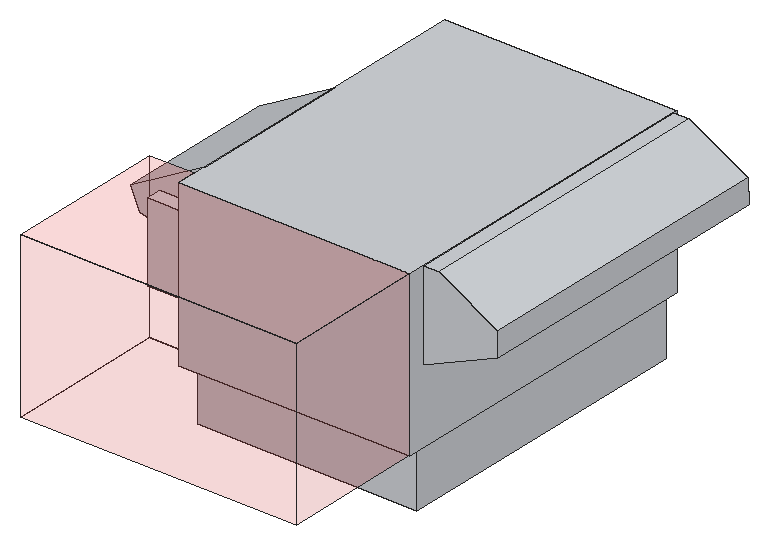
Revit family
Parameters (values of type "115 V Single Phase")
  Weight Scheduled [instance] = 915  # constant formula
  Voltage Workaround = Voltage / 1 V  # 115
  Voltage Scheduled = Voltage  # 115 V
  Voltage = 115 V
  VoltAmps Workaround [instance] = Voltage Workaround * Total FLA * sqrt(Phase)  # 0
  VoltAmps [instance] = VoltAmps Workaround * 1 VA  # 0 VA
  VFD [instance] = no
  URL = "http://www.renewaire.com/_assets/files/SubmittalForms/HE4XRTSubmittal.pdf"
  Total FLA [instance] = if(or(Supply Motor FLA = 0, Exhaust Motor FLA = 0), 0, (Supply Motor FLA * Supply Motor Count) + (Exhaust Motor FLA * Exhaust Motor Count))  # 0
  Supply Motor RPM Scheduled [instance] = Supply Motor RPM  # 0
  Supply Motor RPM [instance] = if(and(or(Supply ESP = 0, Supply ESP > 0), Supply ESP < 0.25), if(Supply Motor HP = 2, if(Supply CFM > 3465 CFM, 0, if(Supply CFM > 3099 CFM, 1326, 1186)), if(Supply Motor HP = 3, if(Supply CFM > 3812 CFM, 0, 1455), if(Supply Motor HP = 5, if(Supply CFM > 4165 CFM, 0, 1623), 0))), if(and(or(Supply ESP = 0.25, Supply ESP > 0.25), Supply ESP < 0.5), if(Supply Motor HP = 2, if(Supply CFM > 3185 CFM, 0, if(Supply CFM > 2790 CFM, 1326, 1186)), if(Supply Motor HP = 3, if(Supply CFM > 3750 CFM, 0, if(Supply CFM > 3550 CFM, 1527, 1455)), if(Supply Motor HP = 5, if(Supply CFM > 4240 CFM, 0, if(Supply CFM > 3965 CFM, 1728, 1623)), 0))), if(and(or(Supply ESP = 0.5, Supply ESP > 0.5), Supply ESP < 0.75), if(Supply Motor HP = 2, if(Supply CFM > 2810 CFM, 0, if(Supply CFM > 2295 CFM, 1326, 1186)), if(Supply Motor HP = 3, if(Supply CFM > 3500 CFM, 0, if(Supply CFM > 3285 CFM, 1527, 1455)), if(Supply Motor HP = 5, if(Supply CFM > 4345 CFM, 0, if(Supply CFM > 4050 CFM, 1832, if(Supply CFM > 3750 CFM, 1728, 1623))), 0))), if(and(or(Supply ESP = 0.75, Supply ESP > 0.75), Supply ESP < 1), if(Supply Motor HP = 2, if(Supply CFM > 2335 CFM, 0, if(Supply CFM > 1790 CFM, 1326, 1186)), if(Supply Motor HP = 3, if(Supply CFM > 3350 CFM, 0, if(Supply CFM > 3085 CFM, 1598, if(Supply CFM > 2820 CFM, 1527, 1455))), if(Supply Motor HP = 5, if(Supply CFM > 4140 CFM, 0, if(Supply CFM > 3820 CFM, 1832, if(Supply CFM > 3475 CFM, 1728, 1623))), 0))), if(and(or(Supply ESP = 1, Supply ESP > 1), Supply ESP < 1.25), if(Supply Motor HP = 2, if(Supply CFM > 2451 CFM, 0, if(Supply CFM > 1885 CFM, 1466, if(Supply CFM > 1150 CFM, 1326, 1186))), if(Supply Motor HP = 3, if(Supply CFM > 3210 CFM, 0, if(Supply CFM > 2950 CFM, 1670, if(Supply CFM > 2676 CFM, 1598, if(Supply CFM > 2400 CFM, 1527, 1455)))), if(Supply Motor HP = 5, if(Supply CFM > 3850 CFM, 0, if(Supply CFM > 3450 CFM, 1832, if(Supply CFM > 3055 CFM, 1728, 1623))), 0))), if(and(or(Supply ESP = 1.25, Supply ESP > 1.25), Supply ESP < 1.5), if(Supply Motor HP = 2, if(Supply CFM > 2026 CFM, 0, if(Supply CFM > 1290 CFM, 1466, 1326)), if(Supply Motor HP = 3, if(Supply CFM > 2870 CFM, 0, if(Supply CFM > 2590 CFM, 1670, if(Supply CFM > 2300 CFM, 1598, if(Supply CFM > 1970 CFM, 1527, 1455)))), if(Supply Motor HP = 5, if(Supply CFM > 3490 CFM, 0, if(Supply CFM > 3050 CFM, 1832, if(Supply CFM > 2685 CFM, 1728, 1623))), 0))), if(Supply ESP = 1.5, if(Supply Motor HP = 2, if(Supply CFM > 1485 CFM, 0, 1466), if(Supply Motor HP = 3, if(Supply CFM > 2800 CFM, 0, if(Supply CFM > 2500 CFM, 1742, if(Supply CFM > 2175 CFM, 1670, if(Supply CFM > 1815 CFM, 1598, if(Supply CFM > 1450 CFM, 1527, 1455))))), if(Supply Motor HP = 5, if(Supply CFM > 3145 CFM, 0, if(Supply CFM > 2720 CFM, 1832, if(Supply CFM > 2290 CFM, 1728, 1623))), 0))), 0)))))))  # 0
  Supply Motor HP Scheduled [instance] = Supply Motor HP  # 0
  Supply Motor HP [instance] = 0
  Supply Motor FLA [instance] = if(VFD, if(Supply Motor BHP = 0, 0, if(Supply Motor HP = 2, if(and(or(Voltage = 208 V, Voltage = 230 V), Phase = 1), 6.1, if(and(or(Voltage = 208 V, Voltage = 230 V), Phase = 3), 6.1, if(and(Voltage = 460 V, Phase = 3), 2.9, if(and(Voltage = 575 V, Phase = 3), 2.4, 0)))), if(Supply Motor HP = 3, if(and(or(Voltage = 208 V, Voltage = 230 V), Phase = 1), 9.4, if(and(or(Voltage = 208 V, Voltage = 230 V), Phase = 3), 9.4, if(and(Voltage = 460 V, Phase = 3), 4.24, if(and(Voltage = 575 V, Phase = 3), 3.3, 0)))), if(Supply Motor HP = 5, if(and(or(Voltage = 208 V, Voltage = 230 V), Phase = 3), 14.5, if(and(Voltage = 460 V, Phase = 3), 6.7, if(and(Voltage = 575 V, Phase = 3), 5.3, 0))), 0)))), if(Supply Motor BHP = 0, 0, if(Supply Motor HP = 2, if(and(Voltage = 115 V, Phase = 1), 20, if(and(or(Voltage = 208 V, Voltage = 230 V), Phase = 1), 10.8, if(and(or(Voltage = 208 V, Voltage = 230 V), Phase = 3), 6.1, if(and(Voltage = 460 V, Phase = 3), 2.9, if(and(Voltage = 575 V, Phase = 3), 2.4, 0))))), if(Supply Motor HP = 3, if(and(or(Voltage = 208 V, Voltage = 230 V), Phase = 1), 13, if(and(or(Voltage = 208 V, Voltage = 230 V), Phase = 3), 9.4, if(and(Voltage = 460 V, Phase = 3), 4.2, if(and(Voltage = 575 V, Phase = 3), 3.3, 0)))), if(Supply Motor HP = 5, if(and(or(Voltage = 208 V, Voltage = 230 V), Phase = 3), 14.5, if(and(Voltage = 460 V, Phase = 3), 6.7, if(and(Voltage = 575 V, Phase = 3), 5.3, 0))), 0)))))  # 0
  Supply Motor Count Scheduled [instance] = Supply Motor Count  # 1
  Supply Motor Count [instance] = 1  # constant formula
  Supply Motor BHP [instance] = if(and(or(Supply ESP = 0, Supply ESP > 0), Supply ESP < 0.25), if(Supply Motor HP = 2, if(Supply CFM > 3465 CFM, 0, if(Supply CFM > 3099 CFM, 2.2, 1.5)), if(Supply Motor HP = 3, if(Supply CFM > 3812 CFM, 0, 2.7), if(Supply Motor HP = 5, if(Supply CFM > 4165 CFM, 0, 3.7), 0))), if(and(or(Supply ESP = 0.25, Supply ESP > 0.25), Supply ESP < 0.5), if(Supply Motor HP = 2, if(Supply CFM > 3185 CFM, 0, if(Supply CFM > 2790 CFM, 1.9, 1.3)), if(Supply Motor HP = 3, if(Supply CFM > 3750 CFM, 0, if(Supply CFM > 3550 CFM, 2.9, 2.5)), if(Supply Motor HP = 5, if(Supply CFM > 4240 CFM, 0, if(Supply CFM > 3965 CFM, 4.3, 3.5)), 0))), if(and(or(Supply ESP = 0.5, Supply ESP > 0.5), Supply ESP < 0.75), if(Supply Motor HP = 2, if(Supply CFM > 2810 CFM, 0, if(Supply CFM > 2295 CFM, 1.7, 1.1)), if(Supply Motor HP = 3, if(Supply CFM > 3500 CFM, 0, if(Supply CFM > 3285 CFM, 2.7, 2.3)), if(Supply Motor HP = 5, if(Supply CFM > 4345 CFM, 0, if(Supply CFM > 4050 CFM, 4.9, if(Supply CFM > 3750 CFM, 4, 3.3))), 0))), if(and(or(Supply ESP = 0.75, Supply ESP > 0.75), Supply ESP < 1), if(Supply Motor HP = 2, if(Supply CFM > 2335 CFM, 0, if(Supply CFM > 1790 CFM, 1.4, 0.8)), if(Supply Motor HP = 3, if(Supply CFM > 3350 CFM, 0, if(Supply CFM > 3085 CFM, 2.6, if(Supply CFM > 2820 CFM, 2.4, 2))), if(Supply Motor HP = 5, if(Supply CFM > 4140 CFM, 0, if(Supply CFM > 3820 CFM, 4.5, if(Supply CFM > 3475 CFM, 3.7, 3))), 0))), if(and(or(Supply ESP = 1, Supply ESP > 1), Supply ESP < 1.25), if(Supply Motor HP = 2, if(Supply CFM > 2451 CFM, 0, if(Supply CFM > 1885 CFM, 1.8, if(Supply CFM > 1150 CFM, 1.2, 0.6))), if(Supply Motor HP = 3, if(Supply CFM > 3210 CFM, 0, if(Supply CFM > 2950 CFM, 3, if(Supply CFM > 2676 CFM, 2.6, if(Supply CFM > 2400 CFM, 2.1, 1.7)))), if(Supply Motor HP = 5, if(Supply CFM > 3850 CFM, 0, if(Supply CFM > 3450 CFM, 4.2, if(Supply CFM > 3055 CFM, 3.3, 2.5))), 0))), if(and(or(Supply ESP = 1.25, Supply ESP > 1.25), Supply ESP < 1.5), if(Supply Motor HP = 2, if(Supply CFM > 2026 CFM, 0, if(Supply CFM > 1290 CFM, 1.5, 0.9)), if(Supply Motor HP = 3, if(Supply CFM > 2870 CFM, 0, if(Supply CFM > 2590 CFM, 2.7, if(Supply CFM > 2300 CFM, 2.3, if(Supply CFM > 1970 CFM, 1.9, 1.5)))), if(Supply Motor HP = 5, if(Supply CFM > 3490 CFM, 0, if(Supply CFM > 3050 CFM, 3.7, if(Supply CFM > 2685 CFM, 3, 2.3))), 0))), if(Supply ESP = 1.5, if(Supply Motor HP = 2, if(Supply CFM > 1485 CFM, 0, 1.2), if(Supply Motor HP = 3, if(Supply CFM > 2800 CFM, 0, if(Supply CFM > 2500 CFM, 2.9, if(Supply CFM > 2175 CFM, 2.4, if(Supply CFM > 1815 CFM, 2, if(Supply CFM > 1450 CFM, 1.5, 1.2))))), if(Supply Motor HP = 5, if(Supply CFM > 3145 CFM, 0, if(Supply CFM > 2720 CFM, 3.3, if(Supply CFM > 2290 CFM, 2.6, 2))), 0))), 0)))))))  # 0
  Supply ESP Scheduled [instance] = Supply ESP  # 0
  Supply ESP [instance] = 0
  Supply CFM Scheduled [instance] = Supply CFM  # 0 CFM
  Supply CFM [instance] = 0 CFM
  Supply Air Winter RH Scheduled [instance] = 0
  Supply Air Winter DB Scheduled [instance] = 0
  Supply Air Summer RH Scheduled [instance] = 0
  Supply Air Summer DB Scheduled [instance] = 0
  Phase Scheduled = Phase  # 1
  Phase = 1
  Outside Air Winter RH Scheduled [instance] = 0
  Outside Air Winter DB Scheduled [instance] = 0
  Outside Air Summer RH Scheduled [instance] = 0
  Outside Air Summer DB Scheduled [instance] = 0
  Number of Poles = 1
  Model = "HE4XRTR"
  Manufacturer = "RenewAire"
  MOCP Scheduled [instance] = MOCP  # 0
  MOCP [instance] = if(VFD, if(Total FLA = 0, 0, if(and(or(Voltage = 208 V, Voltage = 230 V), Phase = 1), if(and(Supply Motor HP = 2, Exhaust Motor HP = 2), 30, if(and(Supply Motor HP = 2, Exhaust Motor HP = 3), 40, if(and(Supply Motor HP = 3, Exhaust Motor HP = 2), 40, if(and(Supply Motor HP = 3, Exhaust Motor HP = 3), 45, 0)))), if(and(or(Voltage = 208 V, Voltage = 230 V), Phase = 3), if(and(Supply Motor HP = 2, Exhaust Motor HP = 2), 15, if(and(Supply Motor HP = 2, Exhaust Motor HP = 3), 25, if(and(Supply Motor HP = 2, Exhaust Motor HP = 5), 35, if(and(Supply Motor HP = 3, Exhaust Motor HP = 2), 25, if(and(Supply Motor HP = 3, Exhaust Motor HP = 3), 25, if(and(Supply Motor HP = 3, Exhaust Motor HP = 5), 40, if(and(Supply Motor HP = 5, Exhaust Motor HP = 2), 35, if(and(Supply Motor HP = 5, Exhaust Motor HP = 3), 40, if(and(Supply Motor HP = 5, Exhaust Motor HP = 5), 45, 0))))))))), if(and(Voltage = 460 V, Phase = 3), if(and(Supply Motor HP = 2, Exhaust Motor HP = 2), 15, if(and(Supply Motor HP = 2, Exhaust Motor HP = 3), 15, if(and(Supply Motor HP = 2, Exhaust Motor HP = 5), 15, if(and(Supply Motor HP = 3, Exhaust Motor HP = 2), 15, if(and(Supply Motor HP = 3, Exhaust Motor HP = 3), 15, if(and(Supply Motor HP = 3, Exhaust Motor HP = 5), 15, if(and(Supply Motor HP = 5, Exhaust Motor HP = 2), 15, if(and(Supply Motor HP = 5, Exhaust Motor HP = 3), 15, if(and(Supply Motor HP = 5, Exhaust Motor HP = 5), 20, 0))))))))), if(and(Voltage = 575 V, Phase = 3), if(and(Supply Motor HP = 2, Exhaust Motor HP = 2), 15, if(and(Supply Motor HP = 2, Exhaust Motor HP = 3), 15, if(and(Supply Motor HP = 2, Exhaust Motor HP = 5), 15, if(and(Supply Motor HP = 3, Exhaust Motor HP = 2), 15, if(and(Supply Motor HP = 3, Exhaust Motor HP = 3), 15, if(and(Supply Motor HP = 3, Exhaust Motor HP = 5), 15, if(and(Supply Motor HP = 5, Exhaust Motor HP = 2), 15, if(and(Supply Motor HP = 5, Exhaust Motor HP = 3), 15, if(and(Supply Motor HP = 5, Exhaust Motor HP = 5), 15, 0))))))))), 0))))), if(Total FLA = 0, 0, if(and(Voltage = 115 V, Phase = 1), if(and(Supply Motor HP = 2, Exhaust Motor HP = 2), 60, 0), if(and(or(Voltage = 208 V, Voltage = 230 V), Phase = 1), if(and(Supply Motor HP = 2, Exhaust Motor HP = 2), 35, if(and(Supply Motor HP = 2, Exhaust Motor HP = 3), 40, if(and(Supply Motor HP = 3, Exhaust Motor HP = 2), 40, if(and(Supply Motor HP = 3, Exhaust Motor HP = 3), 40, 0)))), if(and(or(Voltage = 208 V, Voltage = 230 V), Phase = 3), if(and(Supply Motor HP = 2, Exhaust Motor HP = 2), 15, if(and(Supply Motor HP = 2, Exhaust Motor HP = 3), 25, if(and(Supply Motor HP = 2, Exhaust Motor HP = 5), 35, if(and(Supply Motor HP = 3, Exhaust Motor HP = 2), 25, if(and(Supply Motor HP = 3, Exhaust Motor HP = 3), 25, if(and(Supply Motor HP = 3, Exhaust Motor HP = 5), 40, if(and(Supply Motor HP = 5, Exhaust Motor HP = 2), 35, if(and(Supply Motor HP = 5, Exhaust Motor HP = 3), 40, if(and(Supply Motor HP = 5, Exhaust Motor HP = 5), 45, 0))))))))), if(and(Voltage = 460 V, Phase = 3), if(and(Supply Motor HP = 2, Exhaust Motor HP = 2), 15, if(and(Supply Motor HP = 2, Exhaust Motor HP = 3), 15, if(and(Supply Motor HP = 2, Exhaust Motor HP = 5), 15, if(and(Supply Motor HP = 3, Exhaust Motor HP = 2), 15, if(and(Supply Motor HP = 3, Exhaust Motor HP = 3), 15, if(and(Supply Motor HP = 3, Exhaust Motor HP = 5), 15, if(and(Supply Motor HP = 5, Exhaust Motor HP = 2), 15, if(and(Supply Motor HP = 5, Exhaust Motor HP = 3), 15, if(and(Supply Motor HP = 5, Exhaust Motor HP = 5), 20, 0))))))))), if(and(Voltage = 575 V, Phase = 3), if(and(Supply Motor HP = 2, Exhaust Motor HP = 2), 15, if(and(Supply Motor HP = 2, Exhaust Motor HP = 3), 15, if(and(Supply Motor HP = 2, Exhaust Motor HP = 5), 15, if(and(Supply Motor HP = 3, Exhaust Motor HP = 2), 15, if(and(Supply Motor HP = 3, Exhaust Motor HP = 3), 15, if(and(Supply Motor HP = 3, Exhaust Motor HP = 5), 15, if(and(Supply Motor HP = 5, Exhaust Motor HP = 2), 15, if(and(Supply Motor HP = 5, Exhaust Motor HP = 3), 15, if(and(Supply Motor HP = 5, Exhaust Motor HP = 5), 15, 0))))))))), 0)))))))  # 0
  MCA Scheduled [instance] = MCA  # 0
  MCA [instance] = if(VFD, if(Total FLA = 0, 0, if(and(or(Voltage = 208 V, Voltage = 230 V), Phase = 1), if(and(Supply Motor HP = 2, Exhaust Motor HP = 2), 26, if(and(Supply Motor HP = 2, Exhaust Motor HP = 3), 33.9, if(and(Supply Motor HP = 3, Exhaust Motor HP = 2), 33.9, if(and(Supply Motor HP = 3, Exhaust Motor HP = 3), 40.2, 0)))), if(and(or(Voltage = 208 V, Voltage = 230 V), Phase = 3), if(and(Supply Motor HP = 2, Exhaust Motor HP = 2), 15, if(and(Supply Motor HP = 2, Exhaust Motor HP = 3), 19.6, if(and(Supply Motor HP = 2, Exhaust Motor HP = 5), 26.6, if(and(Supply Motor HP = 3, Exhaust Motor HP = 2), 19.6, if(and(Supply Motor HP = 3, Exhaust Motor HP = 3), 23.2, if(and(Supply Motor HP = 3, Exhaust Motor HP = 5), 30.3, if(and(Supply Motor HP = 5, Exhaust Motor HP = 2), 26.6, if(and(Supply Motor HP = 5, Exhaust Motor HP = 3), 30.3, if(and(Supply Motor HP = 5, Exhaust Motor HP = 5), 35.9, 0))))))))), if(and(Voltage = 460 V, Phase = 3), if(and(Supply Motor HP = 2, Exhaust Motor HP = 2), 7.2, if(and(Supply Motor HP = 2, Exhaust Motor HP = 3), 9, if(and(Supply Motor HP = 2, Exhaust Motor HP = 5), 12.4, if(and(Supply Motor HP = 3, Exhaust Motor HP = 2), 9, if(and(Supply Motor HP = 3, Exhaust Motor HP = 3), 10.5, if(and(Supply Motor HP = 3, Exhaust Motor HP = 5), 13.9, if(and(Supply Motor HP = 5, Exhaust Motor HP = 2), 12.4, if(and(Supply Motor HP = 5, Exhaust Motor HP = 3), 13.9, if(and(Supply Motor HP = 5, Exhaust Motor HP = 5), 16.6, 0))))))))), if(and(Voltage = 575 V, Phase = 3), if(and(Supply Motor HP = 2, Exhaust Motor HP = 2), 5.9, if(and(Supply Motor HP = 2, Exhaust Motor HP = 3), 7.2, if(and(Supply Motor HP = 2, Exhaust Motor HP = 5), 9.9, if(and(Supply Motor HP = 3, Exhaust Motor HP = 2), 7.2, if(and(Supply Motor HP = 3, Exhaust Motor HP = 3), 8.2, if(and(Supply Motor HP = 3, Exhaust Motor HP = 5), 10.9, if(and(Supply Motor HP = 5, Exhaust Motor HP = 2), 9.9, if(and(Supply Motor HP = 5, Exhaust Motor HP = 3), 10.9, if(and(Supply Motor HP = 5, Exhaust Motor HP = 5), 13.1, 0))))))))), 0))))), if(Total FLA = 0, 0, if(and(Voltage = 115 V, Phase = 1), if(and(Supply Motor HP = 2, Exhaust Motor HP = 2), 45, 0), if(and(or(Voltage = 208 V, Voltage = 230 V), Phase = 1), if(and(Supply Motor HP = 2, Exhaust Motor HP = 2), 24.3, if(and(Supply Motor HP = 2, Exhaust Motor HP = 3), 27.1, if(and(Supply Motor HP = 3, Exhaust Motor HP = 2), 27.1, if(and(Supply Motor HP = 3, Exhaust Motor HP = 3), 29.3, 0)))), if(and(or(Voltage = 208 V, Voltage = 230 V), Phase = 3), if(and(Supply Motor HP = 2, Exhaust Motor HP = 2), 13.6, if(and(Supply Motor HP = 2, Exhaust Motor HP = 3), 17.8, if(and(Supply Motor HP = 2, Exhaust Motor HP = 5), 24.2, if(and(Supply Motor HP = 3, Exhaust Motor HP = 2), 17.8, if(and(Supply Motor HP = 3, Exhaust Motor HP = 3), 21.1, if(and(Supply Motor HP = 3, Exhaust Motor HP = 5), 27.5, if(and(Supply Motor HP = 5, Exhaust Motor HP = 2), 24.2, if(and(Supply Motor HP = 5, Exhaust Motor HP = 3), 27.5, if(and(Supply Motor HP = 5, Exhaust Motor HP = 5), 32.6, 0))))))))), if(and(Voltage = 460 V, Phase = 3), if(and(Supply Motor HP = 2, Exhaust Motor HP = 2), 6.5, if(and(Supply Motor HP = 2, Exhaust Motor HP = 3), 8.2, if(and(Supply Motor HP = 2, Exhaust Motor HP = 5), 11.3, if(and(Supply Motor HP = 3, Exhaust Motor HP = 2), 8.2, if(and(Supply Motor HP = 3, Exhaust Motor HP = 3), 9.5, if(and(Supply Motor HP = 3, Exhaust Motor HP = 5), 12.6, if(and(Supply Motor HP = 5, Exhaust Motor HP = 2), 11.3, if(and(Supply Motor HP = 5, Exhaust Motor HP = 3), 12.6, if(and(Supply Motor HP = 5, Exhaust Motor HP = 5), 15.1, 0))))))))), if(and(Voltage = 575 V, Phase = 3), if(and(Supply Motor HP = 2, Exhaust Motor HP = 2), 5.4, if(and(Supply Motor HP = 2, Exhaust Motor HP = 3), 6.5, if(and(Supply Motor HP = 2, Exhaust Motor HP = 5), 9, if(and(Supply Motor HP = 3, Exhaust Motor HP = 2), 6.5, if(and(Supply Motor HP = 3, Exhaust Motor HP = 3), 7.4, if(and(Supply Motor HP = 3, Exhaust Motor HP = 5), 9.9, if(and(Supply Motor HP = 5, Exhaust Motor HP = 2), 9, if(and(Supply Motor HP = 5, Exhaust Motor HP = 3), 9.9, if(and(Supply Motor HP = 5, Exhaust Motor HP = 5), 11.9, 0))))))))), 0)))))))  # 0
  FLA Scheduled [instance] = Total FLA  # 0
  Exhaust RH Scheduled [instance] = 0
  Exhaust Motor RPM Scheduled [instance] = Exhaust Motor RPM  # 0
  Exhaust Motor RPM [instance] = if(and(or(Exhaust ESP = 0, Exhaust ESP > 0), Exhaust ESP < 0.25), if(Exhaust Motor HP = 2, if(Exhaust CFM > 3465 CFM, 0, if(Exhaust CFM > 3099 CFM, 1326, 1186)), if(Exhaust Motor HP = 3, if(Exhaust CFM > 3812 CFM, 0, 1455), if(Exhaust Motor HP = 5, if(Exhaust CFM > 4165 CFM, 0, 1623), 0))), if(and(or(Exhaust ESP = 0.25, Exhaust ESP > 0.25), Exhaust ESP < 0.5), if(Exhaust Motor HP = 2, if(Exhaust CFM > 3185 CFM, 0, if(Exhaust CFM > 2790 CFM, 1326, 1186)), if(Exhaust Motor HP = 3, if(Exhaust CFM > 3750 CFM, 0, if(Exhaust CFM > 3550 CFM, 1527, 1455)), if(Exhaust Motor HP = 5, if(Exhaust CFM > 4240 CFM, 0, if(Exhaust CFM > 3965 CFM, 1728, 1623)), 0))), if(and(or(Exhaust ESP = 0.5, Exhaust ESP > 0.5), Exhaust ESP < 0.75), if(Exhaust Motor HP = 2, if(Exhaust CFM > 2810 CFM, 0, if(Exhaust CFM > 2295 CFM, 1326, 1186)), if(Exhaust Motor HP = 3, if(Exhaust CFM > 3500 CFM, 0, if(Exhaust CFM > 3285 CFM, 1527, 1455)), if(Exhaust Motor HP = 5, if(Exhaust CFM > 4345 CFM, 0, if(Exhaust CFM > 4050 CFM, 1832, if(Exhaust CFM > 3750 CFM, 1728, 1623))), 0))), if(and(or(Exhaust ESP = 0.75, Exhaust ESP > 0.75), Exhaust ESP < 1), if(Exhaust Motor HP = 2, if(Exhaust CFM > 2335 CFM, 0, if(Exhaust CFM > 1790 CFM, 1326, 1186)), if(Exhaust Motor HP = 3, if(Exhaust CFM > 3350 CFM, 0, if(Exhaust CFM > 3085 CFM, 1598, if(Exhaust CFM > 2820 CFM, 1527, 1455))), if(Exhaust Motor HP = 5, if(Exhaust CFM > 4140 CFM, 0, if(Exhaust CFM > 3820 CFM, 1832, if(Exhaust CFM > 3475 CFM, 1728, 1623))), 0))), if(and(or(Exhaust ESP = 1, Exhaust ESP > 1), Exhaust ESP < 1.25), if(Exhaust Motor HP = 2, if(Exhaust CFM > 2451 CFM, 0, if(Exhaust CFM > 1885 CFM, 1466, if(Exhaust CFM > 1150 CFM, 1326, 1186))), if(Exhaust Motor HP = 3, if(Exhaust CFM > 3210 CFM, 0, if(Exhaust CFM > 2950 CFM, 1670, if(Exhaust CFM > 2676 CFM, 1598, if(Exhaust CFM > 2400 CFM, 1527, 1455)))), if(Exhaust Motor HP = 5, if(Exhaust CFM > 3850 CFM, 0, if(Exhaust CFM > 3450 CFM, 1832, if(Exhaust CFM > 3055 CFM, 1728, 1623))), 0))), if(and(or(Exhaust ESP = 1.25, Exhaust ESP > 1.25), Exhaust ESP < 1.5), if(Exhaust Motor HP = 2, if(Exhaust CFM > 2026 CFM, 0, if(Exhaust CFM > 1290 CFM, 1466, 1326)), if(Exhaust Motor HP = 3, if(Exhaust CFM > 2870 CFM, 0, if(Exhaust CFM > 2590 CFM, 1670, if(Exhaust CFM > 2300 CFM, 1598, if(Exhaust CFM > 1970 CFM, 1527, 1455)))), if(Exhaust Motor HP = 5, if(Exhaust CFM > 3490 CFM, 0, if(Exhaust CFM > 3050 CFM, 1832, if(Exhaust CFM > 2685 CFM, 1728, 1623))), 0))), if(Exhaust ESP = 1.5, if(Exhaust Motor HP = 2, if(Exhaust CFM > 1485 CFM, 0, 1466), if(Exhaust Motor HP = 3, if(Exhaust CFM > 2800 CFM, 0, if(Exhaust CFM > 2500 CFM, 1742, if(Exhaust CFM > 2175 CFM, 1670, if(Exhaust CFM > 1815 CFM, 1598, if(Exhaust CFM > 1450 CFM, 1527, 1455))))), if(Exhaust Motor HP = 5, if(Exhaust CFM > 3145 CFM, 0, if(Exhaust CFM > 2720 CFM, 1832, if(Exhaust CFM > 2290 CFM, 1728, 1623))), 0))), 0)))))))  # 0
  Exhaust Motor HP Scheduled [instance] = Exhaust Motor HP  # 0
  Exhaust Motor HP [instance] = 0
  Exhaust Motor FLA [instance] = if(VFD, if(Exhaust Motor BHP = 0, 0, if(Exhaust Motor HP = 2, if(and(or(Voltage = 208 V, Voltage = 230 V), Phase = 1), 6.1, if(and(or(Voltage = 208 V, Voltage = 230 V), Phase = 3), 6.1, if(and(Voltage = 460 V, Phase = 3), 2.9, if(and(Voltage = 575 V, Phase = 3), 2.4, 0)))), if(Exhaust Motor HP = 3, if(and(or(Voltage = 208 V, Voltage = 230 V), Phase = 1), 9.4, if(and(or(Voltage = 208 V, Voltage = 230 V), Phase = 3), 9.4, if(and(Voltage = 460 V, Phase = 3), 4.24, if(and(Voltage = 575 V, Phase = 3), 3.3, 0)))), if(Exhaust Motor HP = 5, if(and(or(Voltage = 208 V, Voltage = 230 V), Phase = 3), 14.5, if(and(Voltage = 460 V, Phase = 3), 6.7, if(and(Voltage = 575 V, Phase = 3), 5.3, 0))), 0)))), if(Exhaust Motor BHP = 0, 0, if(Exhaust Motor HP = 2, if(and(Voltage = 115 V, Phase = 1), 20, if(and(or(Voltage = 208 V, Voltage = 230 V), Phase = 1), 10.8, if(and(or(Voltage = 208 V, Voltage = 230 V), Phase = 3), 6.1, if(and(Voltage = 460 V, Phase = 3), 2.9, if(and(Voltage = 575 V, Phase = 3), 2.4, 0))))), if(Exhaust Motor HP = 3, if(and(or(Voltage = 208 V, Voltage = 230 V), Phase = 1), 13, if(and(or(Voltage = 208 V, Voltage = 230 V), Phase = 3), 9.4, if(and(Voltage = 460 V, Phase = 3), 4.2, if(and(Voltage = 575 V, Phase = 3), 3.3, 0)))), if(Exhaust Motor HP = 5, if(and(or(Voltage = 208 V, Voltage = 230 V), Phase = 3), 14.5, if(and(Voltage = 460 V, Phase = 3), 6.7, if(and(Voltage = 575 V, Phase = 3), 5.3, 0))), 0)))))  # 0
  Exhaust Motor Count Scheduled [instance] = Exhaust Motor Count  # 1
  Exhaust Motor Count [instance] = 1  # constant formula
  Exhaust Motor BHP [instance] = if(and(or(Exhaust ESP = 0, Exhaust ESP > 0), Exhaust ESP < 0.25), if(Exhaust Motor HP = 2, if(Exhaust CFM > 3465 CFM, 0, if(Exhaust CFM > 3099 CFM, 2.2, 1.5)), if(Exhaust Motor HP = 3, if(Exhaust CFM > 3812 CFM, 0, 2.7), if(Exhaust Motor HP = 5, if(Exhaust CFM > 4165 CFM, 0, 3.7), 0))), if(and(or(Exhaust ESP = 0.25, Exhaust ESP > 0.25), Exhaust ESP < 0.5), if(Exhaust Motor HP = 2, if(Exhaust CFM > 3185 CFM, 0, if(Exhaust CFM > 2790 CFM, 1.9, 1.3)), if(Exhaust Motor HP = 3, if(Exhaust CFM > 3750 CFM, 0, if(Exhaust CFM > 3550 CFM, 2.9, 2.5)), if(Exhaust Motor HP = 5, if(Exhaust CFM > 4240 CFM, 0, if(Exhaust CFM > 3965 CFM, 4.3, 3.5)), 0))), if(and(or(Exhaust ESP = 0.5, Exhaust ESP > 0.5), Exhaust ESP < 0.75), if(Exhaust Motor HP = 2, if(Exhaust CFM > 2810 CFM, 0, if(Exhaust CFM > 2295 CFM, 1.7, 1.1)), if(Exhaust Motor HP = 3, if(Exhaust CFM > 3500 CFM, 0, if(Exhaust CFM > 3285 CFM, 2.7, 2.3)), if(Exhaust Motor HP = 5, if(Exhaust CFM > 4345 CFM, 0, if(Exhaust CFM > 4050 CFM, 4.9, if(Exhaust CFM > 3750 CFM, 4, 3.3))), 0))), if(and(or(Exhaust ESP = 0.75, Exhaust ESP > 0.75), Exhaust ESP < 1), if(Exhaust Motor HP = 2, if(Exhaust CFM > 2335 CFM, 0, if(Exhaust CFM > 1790 CFM, 1.4, 0.8)), if(Exhaust Motor HP = 3, if(Exhaust CFM > 3350 CFM, 0, if(Exhaust CFM > 3085 CFM, 2.6, if(Exhaust CFM > 2820 CFM, 2.4, 2))), if(Exhaust Motor HP = 5, if(Exhaust CFM > 4140 CFM, 0, if(Exhaust CFM > 3820 CFM, 4.5, if(Exhaust CFM > 3475 CFM, 3.7, 3))), 0))), if(and(or(Exhaust ESP = 1, Exhaust ESP > 1), Exhaust ESP < 1.25), if(Exhaust Motor HP = 2, if(Exhaust CFM > 2451 CFM, 0, if(Exhaust CFM > 1885 CFM, 1.8, if(Exhaust CFM > 1150 CFM, 1.2, 0.6))), if(Exhaust Motor HP = 3, if(Exhaust CFM > 3210 CFM, 0, if(Exhaust CFM > 2950 CFM, 3, if(Exhaust CFM > 2676 CFM, 2.6, if(Exhaust CFM > 2400 CFM, 2.1, 1.7)))), if(Exhaust Motor HP = 5, if(Exhaust CFM > 3850 CFM, 0, if(Exhaust CFM > 3450 CFM, 4.2, if(Exhaust CFM > 3055 CFM, 3.3, 2.5))), 0))), if(and(or(Exhaust ESP = 1.25, Exhaust ESP > 1.25), Exhaust ESP < 1.5), if(Exhaust Motor HP = 2, if(Exhaust CFM > 2026 CFM, 0, if(Exhaust CFM > 1290 CFM, 1.5, 0.9)), if(Exhaust Motor HP = 3, if(Exhaust CFM > 2870 CFM, 0, if(Exhaust CFM > 2590 CFM, 2.7, if(Exhaust CFM > 2300 CFM, 2.3, if(Exhaust CFM > 1970 CFM, 1.9, 1.5)))), if(Exhaust Motor HP = 5, if(Exhaust CFM > 3490 CFM, 0, if(Exhaust CFM > 3050 CFM, 3.7, if(Exhaust CFM > 2685 CFM, 3, 2.3))), 0))), if(Exhaust ESP = 1.5, if(Exhaust Motor HP = 2, if(Exhaust CFM > 1485 CFM, 0, 1.2), if(Exhaust Motor HP = 3, if(Exhaust CFM > 2800 CFM, 0, if(Exhaust CFM > 2500 CFM, 2.9, if(Exhaust CFM > 2175 CFM, 2.4, if(Exhaust CFM > 1815 CFM, 2, if(Exhaust CFM > 1450 CFM, 1.5, 1.2))))), if(Exhaust Motor HP = 5, if(Exhaust CFM > 3145 CFM, 0, if(Exhaust CFM > 2720 CFM, 3.3, if(Exhaust CFM > 2290 CFM, 2.6, 2))), 0))), 0)))))))  # 0
  Exhaust ESP Scheduled [instance] = Exhaust ESP  # 0
  Exhaust ESP [instance] = 0
  Exhaust DB Scheduled [instance] = 0
  Exhaust CFM Scheduled [instance] = Exhaust CFM  # 0 CFM
  Exhaust CFM [instance] = 0 CFM
  Enthalpy Effect Winter Scheduled [instance] = 0
  Enthalpy Effect Summer Scheduled [instance] = 0
Types (8): name | Voltage Workaround | Voltage Scheduled | Voltage | VFD | Phase Scheduled | Phase | Number of Poles
  (no name) | 115 | 115 V | 115 V | no | 1 | 1 | 1
  208 V Single Phase | 208 | 208 V | 208 V | yes | 1 | 1 | 2
  230 V Single Phase | 230 | 230 V | 230 V | yes | 1 | 1 | 2
  208 V Three Phase | 208 | 208 V | 208 V | yes | 3 | 3 | 3
  230 V Three Phase | 230 | 230 V | 230 V | yes | 3 | 3 | 3
  460 V Three Phase | 460 | 460 V | 460 V | yes | 3 | 3 | 3
  575 V Three Phase | 575 | 575 V | 575 V | yes | 3 | 3 | 3
  115 V Single Phase | 115 | 115 V | 115 V | no | 1 | 1 | 1
Reference planes (in)
  plane 1 "Center (Front/Back)": y = 0
  plane 2: z = 0
  plane 3 "Center (Left/Right)": x = 0
Forms (in)
  Extrusion 1, solid
    sketch origin (0, 0, 0) x (1, 0, 0) y (0, 1, 0)
      loop
        line (-28.5, 41) -> (-28.5, -41) -> (28.5, -41) -> (28.5, 41) -> (-28.5, 41)
    from 14 to 54.25
  Extrusion 2, solid
    sketch origin (0.25, 0.875, 0) x (1, 0, 0) y (0, 1, 0)
      loop
        line (-27.0625, 38.1875) -> (-27.0625, -38.1875) -> (27.0625, -38.1875) -> (27.0625, 38.1875) -> (-27.0625, 38.1875)
    from 0 to 14
  Extrusion 3, solid
    sketch origin (0, 0, 0) x (1, 0, 0) y (0, 1, 0)
      loop
        line (28.5, -41) -> (-28.5, -41) -> (-28.5, -36) -> (-39.5, -36) -> (-39.5, -76) -> (28.5, -76) -> (28.5, -41)
    from 14 to 54.25
  Extrusion 4, solid
    sketch origin (-28.5, 27.06731, 0) x (0, 1, 0) y (0, 0, -1)
      loop
        line (-59.94231, -45.25) -> (-59.94231, -26) -> (-63.94231, -26) -> (-63.94231, -45.25) -> (-59.94231, -45.25)
    from 0 to 11
  Extrusion 5, solid
    sketch origin (-28.5, 23.94231, 0) x (0, 1, 0) y (0, 0, -1)
      loop
        line (-21.69231, -31.5) -> (-21.69231, -19.5) -> (-53.69231, -19.5) -> (-53.69231, -31.5) -> (-21.69231, -31.5)
    from 0 to 1
  Extrusion 6, solid
    sketch origin (0, 0, 0) x (1, 0, 0) y (0, 0, 1)
      loop
        line (-44.62254, 38.67542) -> (-28.5, 34.375) -> (-28.5, 54.25) -> (-46.875, 43.78579) -> (-44.62254, 38.67542)
    from -7 to 32.875
  Extrusion 7, solid
    sketch origin (0, 0, 0) x (1, 0, 0) y (0, 0, 1)
      loop
        line (28.5, 32.375) -> (47, 40.48033) -> (47, 46.38737) -> (32.25, 54.25) -> (28.5, 54.25) -> (28.5, 32.375)
    from -40 to 37
Cuts and joins
  joined: Extrusion 1, Extrusion 2, Extrusion 4, Extrusion 5
Lines and regions (in)
  Split face 1
    outline origin (0.25, 0.875, 0) x (1, 0, 0) y (0, 1, 0)
      loop
        line (25.1875, -11.9375) -> (25.1875, 36.3125) -> (11.9375, 36.3125) -> (11.9375, -11.9375) -> (25.1875, -11.9375)
Connectors (in)
  hvac at (18.5625, 12.1875, 0), driven by "Exhaust CFM"
    settings: on Extrusion 2, index 1, duct flow 0 CFM, flow factor 0, pres drop 0.00 in-wg, loss coef 0, conn angle 0.00°, conn width 11", conn height 46", conn radius 12", duct sys type 3, conn prof type 1, flow config 0, flow direction 1, loss method 0, conn ref index -1, conn util no, is conn primary yes, conn desc ""
  electrical at (-39.5, -34.875, 35.625), driven by "VoltAmps", driven by "Voltage", driven by "Number of Poles"
    settings: on Extrusion 4, index 3, voltage 115 V, apparent load 0 VA, apparent load phase1 0 VA, apparent load phase2 0 VA, apparent load phase3 0 VA, power factor 1, load classification "HVAC", number of poles 1, system type 30, power factor state 1, is connector primary yes, connector utility no, sub classification motor no, connector description ""
  hvac at (-29.5, -13.75, 25.5), driven by "Supply CFM"
    settings: on Extrusion 5, index 4, duct flow 0 CFM, flow factor 0, pres drop 0.00 in-wg, loss coef 0, conn angle 0.00°, conn width 32", conn height 12", conn radius 12", duct sys type 1, conn prof type 1, flow config 0, flow direction 2, loss method 0, conn ref index -1, conn util no, is conn primary no, conn desc ""
